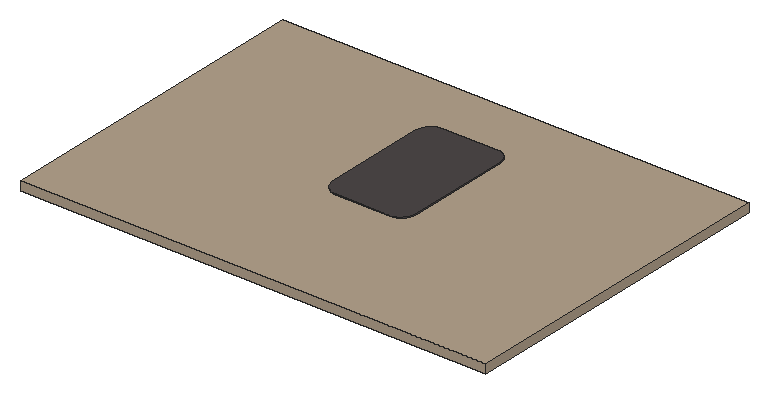
Revit family "console with cutout for bowl with tap hole", category Furniture, Revit 2019 (continued)
Types (40, lengths in mm): name | WEIGHT | SURFACE | SPECIFICATION | PRODUCTURL | PERMALINK | NB | NAME | Model | MIdent | LODLEVEL | LL | LINA | L | GTINCODE | Console 980_550 with cutout in the middle for bowl with tap hole-54121910-DIAMOND_GREY-400_RX0RY0RZ0TX0TY0TZ0_V | Console 980_550 with cutout in the middle for bowl with tap hole-54121910-DIAMOND_GREY-200_RX0RY0RZ0TX0TY0TZ0_V | Console 980_550 with cutout in the middle for bowl with tap hole-54121630-DARK_WALNUT-400_RX0RY0RZ0TX0TY0TZ0_V | Console 980_550 with cutout in the middle for bowl with tap hole-54121630-DARK_WALNUT-200_RX0RY0RZ0TX0TY0TZ0_V | Console 980_550 with cutout in the middle for bowl with tap hole-54121230-GLOSSY_WHITE-400_RX0RY0RZ0TX0TY0TZ0_V | Console 980_550 with cutout in the middle for bowl with tap hole-54121230-GLOSSY_WHITE-200_RX0RY0RZ0TX0TY0TZ0_V | Console 980_550 with cutout in the middle for bowl with tap hole-54121050-NATURAL_OAK-400_RX0RY0RZ0TX0TY0TZ0_V | Console 980_550 with cutout in the middle for bowl with tap hole-54121050-NATURAL_OAK-200_RX0RY0RZ0TX0TY0TZ0_V | Console 780_550 with cutout in the middle for bowls with tap hole-54120910-GLOSSY_WHITE-400_RX0RY0RZ0TX0TY0TZ0_V | Console 780_550 with cutout in the middle for bowls with tap hole-54120910-GLOSSY_WHITE-200_RX0RY0RZ0TX0TY0TZ0_V | Console 780_550 with cutout in the middle for bowls with tap hole-54120630-NATURAL_OAK-400_RX0RY0RZ0TX0TY0TZ0_V | Console 780_550 with cutout in the middle for bowls with tap hole-54120630-NATURAL_OAK-200_RX0RY0RZ0TX0TY0TZ0_V | Console 780_550 with cutout in the middle for bowls with tap hole-54120230-DIAMOND_GREY-400_RX0RY0RZ0TX0TY0TZ0_V | Console 780_550 with cutout in the middle for bowls with tap hole-54120230-DIAMOND_GREY-200_RX0RY0RZ0TX0TY0TZ0_V | Console 780_550 with cutout in the middle for bowls with tap hole-54120050-DARK_WALNUT-400_RX0RY0RZ0TX0TY0TZ0_V | Console 780_550 with cutout in the middle for bowls with tap hole-54120050-DARK_WALNUT-200_RX0RY0RZ0TX0TY0TZ0_V | Console 1360_550 with cutout right for bowl with tap hole-54124910-GLOSSY_WHITE-400_RX0RY0RZ0TX0TY0TZ0_V | Console 1360_550 with cutout right for bowl with tap hole-54124910-GLOSSY_WHITE-200_RX0RY0RZ0TX0TY0TZ0_V | Console 1360_550 with cutout right for bowl with tap hole-54124630-DARK_WALNUT-400_RX0RY0RZ0TX0TY0TZ0_V | Console 1360_550 with cutout right for bowl with tap hole-54124630-DARK_WALNUT-200_RX0RY0RZ0TX0TY0TZ0_V | Console 1360_550 with cutout right for bowl with tap hole-54124230-DIAMOND_GREY-400_RX0RY0RZ0TX0TY0TZ0_V | Console 1360_550 with cutout right for bowl with tap hole-54124230-DIAMOND_GREY-200_RX0RY0RZ0TX0TY0TZ0_V | Console 1360_550 with cutout right for bowl with tap hole-54124050-NATURAL_OAK-400_RX0RY0RZ0TX0TY0TZ0_V | Console 1360_550 with cutout right for bowl with tap hole-54124050-NATURAL_OAK-200_RX0RY0RZ0TX0TY0TZ0_V | Console 1360_550 with cutout left for bowl with tap hole-54123910-DARK_WALNUT-400_RX0RY0RZ0TX0TY0TZ0_V | Console 1360_550 with cutout left for bowl with tap hole-54123910-DARK_WALNUT-200_RX0RY0RZ0TX0TY0TZ0_V | Console 1360_550 with cutout left for bowl with tap hole-54123630-DIAMOND_GREY-400_RX0RY0RZ0TX0TY0TZ0_V | Console 1360_550 with cutout left for bowl with tap hole-54123630-DIAMOND_GREY-200_RX0RY0RZ0TX0TY0TZ0_V | Console 1360_550 with cutout left for bowl with tap hole-54123230-NATURAL_OAK-400_RX0RY0RZ0TX0TY0TZ0_V | Console 1360_550 with cutout left for bowl with tap hole-54123230-NATURAL_OAK-200_RX0RY0RZ0TX0TY0TZ0_V | Console 1360_550 with cutout left for bowl with tap hole-54123050-GLOSSY_WHITE-400_RX0RY0RZ0TX0TY0TZ0_V | Console 1360_550 with cutout left for bowl with tap hole-54123050-GLOSSY_WHITE-200_RX0RY0RZ0TX0TY0TZ0_V | Console 1180_550 with cutout in the middle for bowl with tap hole-54122910-DIAMOND_GREY-400_RX0RY0RZ0TX0TY0TZ0_V | Console 1180_550 with cutout in the middle for bowl with tap hole-54122910-DIAMOND_GREY-200_RX0RY0RZ0TX0TY0TZ0_V | Console 1180_550 with cutout in the middle for bowl with tap hole-54122630-DARK_WALNUT-400_RX0RY0RZ0TX0TY0TZ0_V | Console 1180_550 with cutout in the middle for bowl with tap hole-54122630-DARK_WALNUT-200_RX0RY0RZ0TX0TY0TZ0_V | Console 1180_550 with cutout in the middle for bowl with tap hole-54122230-NATURAL_OAK-400_RX0RY0RZ0TX0TY0TZ0_V | Console 1180_550 with cutout in the middle for bowl with tap hole-54122230-NATURAL_OAK-200_RX0RY0RZ0TX0TY0TZ0_V | Console 1180_550 with cutout in the middle for bowl with tap hole-54122050-GLOSSY_WHITE-400_RX0RY0RZ0TX0TY0TZ0_V | Console 1180_550 with cutout in the middle for bowl with tap hole-54122050-GLOSSY_WHITE-200_RX0RY0RZ0TX0TY0TZ0_V | BASENUMBER | ARTNR
  Console 1360_550 with cutout right for bowl with tap hole-54124230-DIAMOND_GREY-400 | "12.2" | "DIAMOND_GREY" | "Surfaces:    - 54124050 High Gloss White  - 54124910 Diamond Matt Grey  - 54124230 Natural Oak  - 54124630 Dark Walnut      Specification:" | "https://pro.hansgrohe.com/articledetail--54124050" | "54124XXX" | "Console 1360/550 with cutout right for bowl with tap hole-54124230-DIAMOND_GREY-400" | "Xelu Q Console 1360/550 with cutout right for bowl with tap hole" | "Console 1360/550 with cutout right for bowl with tap hole-54124230-DIAMOND_GREY-400" | "{$CADENAS_DATA/23d-libs/hansgrohe/xelu_furniture/console_with_cutout_for_bowl_with_tap_hole/console_with_cutout_for_bowl_with_taphole.prj},351 {VTYP=3D},{NB=Console 1360/550 with cutout right for bowl with tap hole-54124230-DIAMOND_GREY-400},{LINA=Console 1360/550 with cutout right for bowl with tap hole-54124230-DIAMOND_GREY-400},{NN=Console with cutout for bowl with tap hole},{DATE=10.03.2023 08:04:15},{GEOMDATE=08.03.2023 13:10:06},{VERSION=},{LINEID=170},{WBVAR=LODLEVEL},{WBNUMERIC=}  {NB=Console 1360/550 with cutout right for bowl with tap hole-54124230-DIAMOND_GREY-400},{LINA=Console 1360/550 with cutout right for bowl with tap hole-54124230-DIAMOND_GREY-400},{KT=DUMMY},{IDNR=17},{ARTNR=54124230},{BASENUMBER=Console 1360/550 with cutout right for bowl with tap hole},{MODEL=54124XXX},{SURFACE=DIAMOND_GREY},{L=1360},{LODLEVEL=400},{LODLEVELX='400','400','200','200'},{L1=140},{LL=1020},{NAME=Xelu Q Console 1360/550 with cutout right for bowl with tap hole},{PERMALINK=54124XXX},{OBJECTTYPE=Object (single object)},{BIMOBJECT=Sanitary: Compound units},{PRODUCTFAMILY=Xelu Q},{PRODUCTGROUP=console},{WEIGHT=12.2},{DESCRIPTION=Xelu Q Console 1360/550 with cutout right for bowl with tap hole},{SPECIFICATION=Surfaces:    - 54124050 High Gloss White  - 54124910 Diamond Matt Grey  - 54124230 Natural Oak  - 54124630 Dark Walnut      Specification:},{PRODUCTURL=https://pro.hansgrohe.com/articledetail--54124050},{GTINCODE=4059625457894},{TENDERURL=},{IFC=Furnishing element},{ETIM=EC011381 | Bathroom furniture set},{UNICLASS2015=Pr_40_20_76_94 | Vanity units},{OMNICLASS=23-19 31 17 11 | Bathroom Units},{MASTERFORMAT=12 35 30.23 | Bathroom Casework},{UNSPSC=56 | Furniture and Furnishings},{UNIFORMATII=E2010 | Fixed Furnishings},{REGIONSET=Worldwide},{DESIGN=Germany},{MANUFACTURER=Germany}" | "400" | 1020 | "Console 1360/550 with cutout right for bowl with tap hole-54124230-DIAMOND_GREY-400" | 1360 | "4059625457894" | no | no | no | no | no | no | no | no | no | no | no | no | no | no | no | no | no | no | no | no | yes | no | no | no | no | no | no | no | no | no | no | no | no | no | no | no | no | no | no | no | "Console 1360/550 with cutout right for bowl with tap hole" | "54124230"
  Console 1360_550 with cutout right for bowl with tap hole-54124630-DARK_WALNUT-200 | "12.2" | "DARK_WALNUT" | "Surfaces:    - 54124050 High Gloss White  - 54124910 Diamond Matt Grey  - 54124230 Natural Oak  - 54124630 Dark Walnut      Specification:" | "https://pro.hansgrohe.com/articledetail--54124050" | "54124XXX" | "Console 1360/550 with cutout right for bowl with tap hole-54124630-DARK_WALNUT-200" | "Xelu Q Console 1360/550 with cutout right for bowl with tap hole" | "Console 1360/550 with cutout right for bowl with tap hole-54124630-DARK_WALNUT-200" | "{$CADENAS_DATA/23d-libs/hansgrohe/xelu_furniture/console_with_cutout_for_bowl_with_tap_hole/console_with_cutout_for_bowl_with_taphole.prj},349 {VTYP=3D},{NB=Console 1360/550 with cutout right for bowl with tap hole-54124630-DARK_WALNUT-200},{LINA=Console 1360/550 with cutout right for bowl with tap hole-54124630-DARK_WALNUT-200},{NN=Console with cutout for bowl with tap hole},{DATE=10.03.2023 08:04:15},{GEOMDATE=08.03.2023 13:10:06},{VERSION=},{LINEID=190},{WBVAR=LODLEVEL},{WBNUMERIC=}  {NB=Console 1360/550 with cutout right for bowl with tap hole-54124630-DARK_WALNUT-200},{LINA=Console 1360/550 with cutout right for bowl with tap hole-54124630-DARK_WALNUT-200},{KT=DUMMY},{IDNR=19},{ARTNR=54124630},{BASENUMBER=Console 1360/550 with cutout right for bowl with tap hole},{MODEL=54124XXX},{SURFACE=DARK_WALNUT},{L=1360},{LODLEVEL=200},{LODLEVELX='400','400','200','200'},{L1=140},{LL=1020},{NAME=Xelu Q Console 1360/550 with cutout right for bowl with tap hole},{PERMALINK=54124XXX},{OBJECTTYPE=Object (single object)},{BIMOBJECT=Sanitary: Compound units},{PRODUCTFAMILY=Xelu Q},{PRODUCTGROUP=console},{WEIGHT=12.2},{DESCRIPTION=Xelu Q Console 1360/550 with cutout right for bowl with tap hole},{SPECIFICATION=Surfaces:    - 54124050 High Gloss White  - 54124910 Diamond Matt Grey  - 54124230 Natural Oak  - 54124630 Dark Walnut      Specification:},{PRODUCTURL=https://pro.hansgrohe.com/articledetail--54124050},{GTINCODE=4059625457894},{TENDERURL=},{IFC=Furnishing element},{ETIM=EC011381 | Bathroom furniture set},{UNICLASS2015=Pr_40_20_76_94 | Vanity units},{OMNICLASS=23-19 31 17 11 | Bathroom Units},{MASTERFORMAT=12 35 30.23 | Bathroom Casework},{UNSPSC=56 | Furniture and Furnishings},{UNIFORMATII=E2010 | Fixed Furnishings},{REGIONSET=Worldwide},{DESIGN=Germany},{MANUFACTURER=Germany}" | "200" | 1020 | "Console 1360/550 with cutout right for bowl with tap hole-54124630-DARK_WALNUT-200" | 1360 | "4059625457894" | no | no | no | no | no | no | no | no | no | no | no | no | no | no | no | no | no | no | no | yes | no | no | no | no | no | no | no | no | no | no | no | no | no | no | no | no | no | no | no | no | "Console 1360/550 with cutout right for bowl with tap hole" | "54124630"
  Console 1360_550 with cutout right for bowl with tap hole-54124630-DARK_WALNUT-400 | "12.2" | "DARK_WALNUT" | "Surfaces:    - 54124050 High Gloss White  - 54124910 Diamond Matt Grey  - 54124230 Natural Oak  - 54124630 Dark Walnut      Specification:" | "https://pro.hansgrohe.com/articledetail--54124050" | "54124XXX" | "Console 1360/550 with cutout right for bowl with tap hole-54124630-DARK_WALNUT-400" | "Xelu Q Console 1360/550 with cutout right for bowl with tap hole" | "Console 1360/550 with cutout right for bowl with tap hole-54124630-DARK_WALNUT-400" | "{$CADENAS_DATA/23d-libs/hansgrohe/xelu_furniture/console_with_cutout_for_bowl_with_tap_hole/console_with_cutout_for_bowl_with_taphole.prj},349 {VTYP=3D},{NB=Console 1360/550 with cutout right for bowl with tap hole-54124630-DARK_WALNUT-400},{LINA=Console 1360/550 with cutout right for bowl with tap hole-54124630-DARK_WALNUT-400},{NN=Console with cutout for bowl with tap hole},{DATE=10.03.2023 08:04:15},{GEOMDATE=08.03.2023 13:10:06},{VERSION=},{LINEID=190},{WBVAR=LODLEVEL},{WBNUMERIC=}  {NB=Console 1360/550 with cutout right for bowl with tap hole-54124630-DARK_WALNUT-400},{LINA=Console 1360/550 with cutout right for bowl with tap hole-54124630-DARK_WALNUT-400},{KT=DUMMY},{IDNR=19},{ARTNR=54124630},{BASENUMBER=Console 1360/550 with cutout right for bowl with tap hole},{MODEL=54124XXX},{SURFACE=DARK_WALNUT},{L=1360},{LODLEVEL=400},{LODLEVELX='400','400','200','200'},{L1=140},{LL=1020},{NAME=Xelu Q Console 1360/550 with cutout right for bowl with tap hole},{PERMALINK=54124XXX},{OBJECTTYPE=Object (single object)},{BIMOBJECT=Sanitary: Compound units},{PRODUCTFAMILY=Xelu Q},{PRODUCTGROUP=console},{WEIGHT=12.2},{DESCRIPTION=Xelu Q Console 1360/550 with cutout right for bowl with tap hole},{SPECIFICATION=Surfaces:    - 54124050 High Gloss White  - 54124910 Diamond Matt Grey  - 54124230 Natural Oak  - 54124630 Dark Walnut      Specification:},{PRODUCTURL=https://pro.hansgrohe.com/articledetail--54124050},{GTINCODE=4059625457894},{TENDERURL=},{IFC=Furnishing element},{ETIM=EC011381 | Bathroom furniture set},{UNICLASS2015=Pr_40_20_76_94 | Vanity units},{OMNICLASS=23-19 31 17 11 | Bathroom Units},{MASTERFORMAT=12 35 30.23 | Bathroom Casework},{UNSPSC=56 | Furniture and Furnishings},{UNIFORMATII=E2010 | Fixed Furnishings},{REGIONSET=Worldwide},{DESIGN=Germany},{MANUFACTURER=Germany}" | "400" | 1020 | "Console 1360/550 with cutout right for bowl with tap hole-54124630-DARK_WALNUT-400" | 1360 | "4059625457894" | no | no | no | no | no | no | no | no | no | no | no | no | no | no | no | no | no | no | yes | no | no | no | no | no | no | no | no | no | no | no | no | no | no | no | no | no | no | no | no | no | "Console 1360/550 with cutout right for bowl with tap hole" | "54124630"
  Console 1360_550 with cutout right for bowl with tap hole-54124910-GLOSSY_WHITE-200 | "12.2" | "GLOSSY_WHITE" | "Surfaces:    - 54124050 High Gloss White  - 54124910 Diamond Matt Grey  - 54124230 Natural Oak  - 54124630 Dark Walnut      Specification:" | "https://pro.hansgrohe.com/articledetail--54124050" | "54124XXX" | "Console 1360/550 with cutout right for bowl with tap hole-54124910-GLOSSY_WHITE-200" | "Xelu Q Console 1360/550 with cutout right for bowl with tap hole" | "Console 1360/550 with cutout right for bowl with tap hole-54124910-GLOSSY_WHITE-200" | "{$CADENAS_DATA/23d-libs/hansgrohe/xelu_furniture/console_with_cutout_for_bowl_with_tap_hole/console_with_cutout_for_bowl_with_taphole.prj},351 {VTYP=3D},{NB=Console 1360/550 with cutout right for bowl with tap hole-54124910-GLOSSY_WHITE-200},{LINA=Console 1360/550 with cutout right for bowl with tap hole-54124910-GLOSSY_WHITE-200},{NN=Console with cutout for bowl with tap hole},{DATE=10.03.2023 08:04:15},{GEOMDATE=08.03.2023 13:10:06},{VERSION=},{LINEID=180},{WBVAR=LODLEVEL},{WBNUMERIC=}  {NB=Console 1360/550 with cutout right for bowl with tap hole-54124910-GLOSSY_WHITE-200},{LINA=Console 1360/550 with cutout right for bowl with tap hole-54124910-GLOSSY_WHITE-200},{KT=DUMMY},{IDNR=18},{ARTNR=54124910},{BASENUMBER=Console 1360/550 with cutout right for bowl with tap hole},{MODEL=54124XXX},{SURFACE=GLOSSY_WHITE},{L=1360},{LODLEVEL=200},{LODLEVELX='400','400','200','200'},{L1=140},{LL=1020},{NAME=Xelu Q Console 1360/550 with cutout right for bowl with tap hole},{PERMALINK=54124XXX},{OBJECTTYPE=Object (single object)},{BIMOBJECT=Sanitary: Compound units},{PRODUCTFAMILY=Xelu Q},{PRODUCTGROUP=console},{WEIGHT=12.2},{DESCRIPTION=Xelu Q Console 1360/550 with cutout right for bowl with tap hole},{SPECIFICATION=Surfaces:    - 54124050 High Gloss White  - 54124910 Diamond Matt Grey  - 54124230 Natural Oak  - 54124630 Dark Walnut      Specification:},{PRODUCTURL=https://pro.hansgrohe.com/articledetail--54124050},{GTINCODE=4059625457894},{TENDERURL=},{IFC=Furnishing element},{ETIM=EC011381 | Bathroom furniture set},{UNICLASS2015=Pr_40_20_76_94 | Vanity units},{OMNICLASS=23-19 31 17 11 | Bathroom Units},{MASTERFORMAT=12 35 30.23 | Bathroom Casework},{UNSPSC=56 | Furniture and Furnishings},{UNIFORMATII=E2010 | Fixed Furnishings},{REGIONSET=Worldwide},{DESIGN=Germany},{MANUFACTURER=Germany}" | "200" | 1020 | "Console 1360/550 with cutout right for bowl with tap hole-54124910-GLOSSY_WHITE-200" | 1360 | "4059625457894" | no | no | no | no | no | no | no | no | no | no | no | no | no | no | no | no | no | yes | no | no | no | no | no | no | no | no | no | no | no | no | no | no | no | no | no | no | no | no | no | no | "Console 1360/550 with cutout right for bowl with tap hole" | "54124910"
  Console 1360_550 with cutout right for bowl with tap hole-54124910-GLOSSY_WHITE-400 | "12.2" | "GLOSSY_WHITE" | "Surfaces:    - 54124050 High Gloss White  - 54124910 Diamond Matt Grey  - 54124230 Natural Oak  - 54124630 Dark Walnut      Specification:" | "https://pro.hansgrohe.com/articledetail--54124050" | "54124XXX" | "Console 1360/550 with cutout right for bowl with tap hole-54124910-GLOSSY_WHITE-400" | "Xelu Q Console 1360/550 with cutout right for bowl with tap hole" | "Console 1360/550 with cutout right for bowl with tap hole-54124910-GLOSSY_WHITE-400" | "{$CADENAS_DATA/23d-libs/hansgrohe/xelu_furniture/console_with_cutout_for_bowl_with_tap_hole/console_with_cutout_for_bowl_with_taphole.prj},351 {VTYP=3D},{NB=Console 1360/550 with cutout right for bowl with tap hole-54124910-GLOSSY_WHITE-400},{LINA=Console 1360/550 with cutout right for bowl with tap hole-54124910-GLOSSY_WHITE-400},{NN=Console with cutout for bowl with tap hole},{DATE=10.03.2023 08:04:15},{GEOMDATE=08.03.2023 13:10:06},{VERSION=},{LINEID=180},{WBVAR=LODLEVEL},{WBNUMERIC=}  {NB=Console 1360/550 with cutout right for bowl with tap hole-54124910-GLOSSY_WHITE-400},{LINA=Console 1360/550 with cutout right for bowl with tap hole-54124910-GLOSSY_WHITE-400},{KT=DUMMY},{IDNR=18},{ARTNR=54124910},{BASENUMBER=Console 1360/550 with cutout right for bowl with tap hole},{MODEL=54124XXX},{SURFACE=GLOSSY_WHITE},{L=1360},{LODLEVEL=400},{LODLEVELX='400','400','200','200'},{L1=140},{LL=1020},{NAME=Xelu Q Console 1360/550 with cutout right for bowl with tap hole},{PERMALINK=54124XXX},{OBJECTTYPE=Object (single object)},{BIMOBJECT=Sanitary: Compound units},{PRODUCTFAMILY=Xelu Q},{PRODUCTGROUP=console},{WEIGHT=12.2},{DESCRIPTION=Xelu Q Console 1360/550 with cutout right for bowl with tap hole},{SPECIFICATION=Surfaces:    - 54124050 High Gloss White  - 54124910 Diamond Matt Grey  - 54124230 Natural Oak  - 54124630 Dark Walnut      Specification:},{PRODUCTURL=https://pro.hansgrohe.com/articledetail--54124050},{GTINCODE=4059625457894},{TENDERURL=},{IFC=Furnishing element},{ETIM=EC011381 | Bathroom furniture set},{UNICLASS2015=Pr_40_20_76_94 | Vanity units},{OMNICLASS=23-19 31 17 11 | Bathroom Units},{MASTERFORMAT=12 35 30.23 | Bathroom Casework},{UNSPSC=56 | Furniture and Furnishings},{UNIFORMATII=E2010 | Fixed Furnishings},{REGIONSET=Worldwide},{DESIGN=Germany},{MANUFACTURER=Germany}" | "400" | 1020 | "Console 1360/550 with cutout right for bowl with tap hole-54124910-GLOSSY_WHITE-400" | 1360 | "4059625457894" | no | no | no | no | no | no | no | no | no | no | no | no | no | no | no | no | yes | no | no | no | no | no | no | no | no | no | no | no | no | no | no | no | no | no | no | no | no | no | no | no | "Console 1360/550 with cutout right for bowl with tap hole" | "54124910"
  Console 780_550 with cutout in the middle for bowls with tap hole-54120050-DARK_WALNUT-200 | "8.4" | "DARK_WALNUT" | "Surfaces:    - 54120050 High Gloss White  - 54120910 Diamond Matt Grey  - 54120230 Natural Oak  - 54120630 Dark Walnut      Specification:" | "https://pro.hansgrohe.com/articledetail--54120050" | "54120XXX" | "Console 780/550 with cutout in the middle for bowls with tap hole-54120050-DARK_WALNUT-200" | "Xelu Q Console 780/550 with cutout in the middle for bowls with tap hole" | "Console 780/550 with cutout in the middle for bowls with tap hole-54120050-DARK_WALNUT-200" | "{$CADENAS_DATA/23d-libs/hansgrohe/xelu_furniture/console_with_cutout_for_bowl_with_tap_hole/console_with_cutout_for_bowl_with_taphole.prj},364 {VTYP=3D},{NB=Console 780/550 with cutout in the middle for bowls with tap hole-54120050-DARK_WALNUT-200},{LINA=Console 780/550 with cutout in the middle for bowls with tap hole-54120050-DARK_WALNUT-200},{NN=Console with cutout for bowl with tap hole},{DATE=10.03.2023 08:04:15},{GEOMDATE=08.03.2023 13:10:06},{VERSION=},{LINEID=40},{WBVAR=LODLEVEL},{WBNUMERIC=}  {NB=Console 780/550 with cutout in the middle for bowls with tap hole-54120050-DARK_WALNUT-200},{LINA=Console 780/550 with cutout in the middle for bowls with tap hole-54120050-DARK_WALNUT-200},{KT=DUMMY},{IDNR=4},{ARTNR=54120050},{BASENUMBER=Console 780/550 with cutout in the middle for bowls with tap hole},{MODEL=54120XXX},{SURFACE=DARK_WALNUT},{L=780},{LODLEVEL=200},{LODLEVELX='400','400','200','200'},{L1=140},{LL=390},{NAME=Xelu Q Console 780/550 with cutout in the middle for bowls with tap hole},{PERMALINK=54120XXX},{OBJECTTYPE=Object (single object)},{BIMOBJECT=Sanitary: Compound units},{PRODUCTFAMILY=Xelu Q},{PRODUCTGROUP=console},{WEIGHT=8.4},{DESCRIPTION=Xelu Q Console 780/550 with cutout in the middle for bowls with tap hole},{SPECIFICATION=Surfaces:    - 54120050 High Gloss White  - 54120910 Diamond Matt Grey  - 54120230 Natural Oak  - 54120630 Dark Walnut      Specification:},{PRODUCTURL=https://pro.hansgrohe.com/articledetail--54120050},{GTINCODE=4059625457658},{TENDERURL=},{IFC=Furnishing element},{ETIM=EC011381 | Bathroom furniture set},{UNICLASS2015=Pr_40_20_76_94 | Vanity units},{OMNICLASS=23-19 31 17 11 | Bathroom Units},{MASTERFORMAT=12 35 30.23 | Bathroom Casework},{UNSPSC=56 | Furniture and Furnishings},{UNIFORMATII=E2010 | Fixed Furnishings},{REGIONSET=Worldwide},{DESIGN=Germany},{MANUFACTURER=Germany}" | "200" | 390 | "Console 780/550 with cutout in the middle for bowls with tap hole-54120050-DARK_WALNUT-200" | 780 | "4059625457658" | no | no | no | no | no | no | no | no | no | no | no | no | no | no | no | yes | no | no | no | no | no | no | no | no | no | no | no | no | no | no | no | no | no | no | no | no | no | no | no | no | "Console 780/550 with cutout in the middle for bowls with tap hole" | "54120050"
  Console 780_550 with cutout in the middle for bowls with tap hole-54120050-DARK_WALNUT-400 | "8.4" | "DARK_WALNUT" | "Surfaces:    - 54120050 High Gloss White  - 54120910 Diamond Matt Grey  - 54120230 Natural Oak  - 54120630 Dark Walnut      Specification:" | "https://pro.hansgrohe.com/articledetail--54120050" | "54120XXX" | "Console 780/550 with cutout in the middle for bowls with tap hole-54120050-DARK_WALNUT-400" | "Xelu Q Console 780/550 with cutout in the middle for bowls with tap hole" | "Console 780/550 with cutout in the middle for bowls with tap hole-54120050-DARK_WALNUT-400" | "{$CADENAS_DATA/23d-libs/hansgrohe/xelu_furniture/console_with_cutout_for_bowl_with_tap_hole/console_with_cutout_for_bowl_with_taphole.prj},364 {VTYP=3D},{NB=Console 780/550 with cutout in the middle for bowls with tap hole-54120050-DARK_WALNUT-400},{LINA=Console 780/550 with cutout in the middle for bowls with tap hole-54120050-DARK_WALNUT-400},{NN=Console with cutout for bowl with tap hole},{DATE=10.03.2023 08:04:15},{GEOMDATE=08.03.2023 13:10:06},{VERSION=},{LINEID=40},{WBVAR=LODLEVEL},{WBNUMERIC=}  {NB=Console 780/550 with cutout in the middle for bowls with tap hole-54120050-DARK_WALNUT-400},{LINA=Console 780/550 with cutout in the middle for bowls with tap hole-54120050-DARK_WALNUT-400},{KT=DUMMY},{IDNR=4},{ARTNR=54120050},{BASENUMBER=Console 780/550 with cutout in the middle for bowls with tap hole},{MODEL=54120XXX},{SURFACE=DARK_WALNUT},{L=780},{LODLEVEL=400},{LODLEVELX='400','400','200','200'},{L1=140},{LL=390},{NAME=Xelu Q Console 780/550 with cutout in the middle for bowls with tap hole},{PERMALINK=54120XXX},{OBJECTTYPE=Object (single object)},{BIMOBJECT=Sanitary: Compound units},{PRODUCTFAMILY=Xelu Q},{PRODUCTGROUP=console},{WEIGHT=8.4},{DESCRIPTION=Xelu Q Console 780/550 with cutout in the middle for bowls with tap hole},{SPECIFICATION=Surfaces:    - 54120050 High Gloss White  - 54120910 Diamond Matt Grey  - 54120230 Natural Oak  - 54120630 Dark Walnut      Specification:},{PRODUCTURL=https://pro.hansgrohe.com/articledetail--54120050},{GTINCODE=4059625457658},{TENDERURL=},{IFC=Furnishing element},{ETIM=EC011381 | Bathroom furniture set},{UNICLASS2015=Pr_40_20_76_94 | Vanity units},{OMNICLASS=23-19 31 17 11 | Bathroom Units},{MASTERFORMAT=12 35 30.23 | Bathroom Casework},{UNSPSC=56 | Furniture and Furnishings},{UNIFORMATII=E2010 | Fixed Furnishings},{REGIONSET=Worldwide},{DESIGN=Germany},{MANUFACTURER=Germany}" | "400" | 390 | "Console 780/550 with cutout in the middle for bowls with tap hole-54120050-DARK_WALNUT-400" | 780 | "4059625457658" | no | no | no | no | no | no | no | no | no | no | no | no | no | no | yes | no | no | no | no | no | no | no | no | no | no | no | no | no | no | no | no | no | no | no | no | no | no | no | no | no | "Console 780/550 with cutout in the middle for bowls with tap hole" | "54120050"
  Console 780_550 with cutout in the middle for bowls with tap hole-54120230-DIAMOND_GREY-200 | "8.4" | "DIAMOND_GREY" | "Surfaces:    - 54120050 High Gloss White  - 54120910 Diamond Matt Grey  - 54120230 Natural Oak  - 54120630 Dark Walnut      Specification:" | "https://pro.hansgrohe.com/articledetail--54120050" | "54120XXX" | "Console 780/550 with cutout in the middle for bowls with tap hole-54120230-DIAMOND_GREY-200" | "Xelu Q Console 780/550 with cutout in the middle for bowls with tap hole" | "Console 780/550 with cutout in the middle for bowls with tap hole-54120230-DIAMOND_GREY-200" | "{$CADENAS_DATA/23d-libs/hansgrohe/xelu_furniture/console_with_cutout_for_bowl_with_tap_hole/console_with_cutout_for_bowl_with_taphole.prj},366 {VTYP=3D},{NB=Console 780/550 with cutout in the middle for bowls with tap hole-54120230-DIAMOND_GREY-200},{LINA=Console 780/550 with cutout in the middle for bowls with tap hole-54120230-DIAMOND_GREY-200},{NN=Console with cutout for bowl with tap hole},{DATE=10.03.2023 08:04:15},{GEOMDATE=08.03.2023 13:10:06},{VERSION=},{LINEID=20},{WBVAR=LODLEVEL},{WBNUMERIC=}  {NB=Console 780/550 with cutout in the middle for bowls with tap hole-54120230-DIAMOND_GREY-200},{LINA=Console 780/550 with cutout in the middle for bowls with tap hole-54120230-DIAMOND_GREY-200},{KT=DUMMY},{IDNR=2},{ARTNR=54120230},{BASENUMBER=Console 780/550 with cutout in the middle for bowls with tap hole},{MODEL=54120XXX},{SURFACE=DIAMOND_GREY},{L=780},{LODLEVEL=200},{LODLEVELX='400','400','200','200'},{L1=140},{LL=390},{NAME=Xelu Q Console 780/550 with cutout in the middle for bowls with tap hole},{PERMALINK=54120XXX},{OBJECTTYPE=Object (single object)},{BIMOBJECT=Sanitary: Compound units},{PRODUCTFAMILY=Xelu Q},{PRODUCTGROUP=console},{WEIGHT=8.4},{DESCRIPTION=Xelu Q Console 780/550 with cutout in the middle for bowls with tap hole},{SPECIFICATION=Surfaces:    - 54120050 High Gloss White  - 54120910 Diamond Matt Grey  - 54120230 Natural Oak  - 54120630 Dark Walnut      Specification:},{PRODUCTURL=https://pro.hansgrohe.com/articledetail--54120050},{GTINCODE=4059625457658},{TENDERURL=},{IFC=Furnishing element},{ETIM=EC011381 | Bathroom furniture set},{UNICLASS2015=Pr_40_20_76_94 | Vanity units},{OMNICLASS=23-19 31 17 11 | Bathroom Units},{MASTERFORMAT=12 35 30.23 | Bathroom Casework},{UNSPSC=56 | Furniture and Furnishings},{UNIFORMATII=E2010 | Fixed Furnishings},{REGIONSET=Worldwide},{DESIGN=Germany},{MANUFACTURER=Germany}" | "200" | 390 | "Console 780/550 with cutout in the middle for bowls with tap hole-54120230-DIAMOND_GREY-200" | 780 | "4059625457658" | no | no | no | no | no | no | no | no | no | no | no | no | no | yes | no | no | no | no | no | no | no | no | no | no | no | no | no | no | no | no | no | no | no | no | no | no | no | no | no | no | "Console 780/550 with cutout in the middle for bowls with tap hole" | "54120230"
  Console 780_550 with cutout in the middle for bowls with tap hole-54120230-DIAMOND_GREY-400 | "8.4" | "DIAMOND_GREY" | "Surfaces:    - 54120050 High Gloss White  - 54120910 Diamond Matt Grey  - 54120230 Natural Oak  - 54120630 Dark Walnut      Specification:" | "https://pro.hansgrohe.com/articledetail--54120050" | "54120XXX" | "Console 780/550 with cutout in the middle for bowls with tap hole-54120230-DIAMOND_GREY-400" | "Xelu Q Console 780/550 with cutout in the middle for bowls with tap hole" | "Console 780/550 with cutout in the middle for bowls with tap hole-54120230-DIAMOND_GREY-400" | "{$CADENAS_DATA/23d-libs/hansgrohe/xelu_furniture/console_with_cutout_for_bowl_with_tap_hole/console_with_cutout_for_bowl_with_taphole.prj},366 {VTYP=3D},{NB=Console 780/550 with cutout in the middle for bowls with tap hole-54120230-DIAMOND_GREY-400},{LINA=Console 780/550 with cutout in the middle for bowls with tap hole-54120230-DIAMOND_GREY-400},{NN=Console with cutout for bowl with tap hole},{DATE=10.03.2023 08:04:15},{GEOMDATE=08.03.2023 13:10:06},{VERSION=},{LINEID=20},{WBVAR=LODLEVEL},{WBNUMERIC=}  {NB=Console 780/550 with cutout in the middle for bowls with tap hole-54120230-DIAMOND_GREY-400},{LINA=Console 780/550 with cutout in the middle for bowls with tap hole-54120230-DIAMOND_GREY-400},{KT=DUMMY},{IDNR=2},{ARTNR=54120230},{BASENUMBER=Console 780/550 with cutout in the middle for bowls with tap hole},{MODEL=54120XXX},{SURFACE=DIAMOND_GREY},{L=780},{LODLEVEL=400},{LODLEVELX='400','400','200','200'},{L1=140},{LL=390},{NAME=Xelu Q Console 780/550 with cutout in the middle for bowls with tap hole},{PERMALINK=54120XXX},{OBJECTTYPE=Object (single object)},{BIMOBJECT=Sanitary: Compound units},{PRODUCTFAMILY=Xelu Q},{PRODUCTGROUP=console},{WEIGHT=8.4},{DESCRIPTION=Xelu Q Console 780/550 with cutout in the middle for bowls with tap hole},{SPECIFICATION=Surfaces:    - 54120050 High Gloss White  - 54120910 Diamond Matt Grey  - 54120230 Natural Oak  - 54120630 Dark Walnut      Specification:},{PRODUCTURL=https://pro.hansgrohe.com/articledetail--54120050},{GTINCODE=4059625457658},{TENDERURL=},{IFC=Furnishing element},{ETIM=EC011381 | Bathroom furniture set},{UNICLASS2015=Pr_40_20_76_94 | Vanity units},{OMNICLASS=23-19 31 17 11 | Bathroom Units},{MASTERFORMAT=12 35 30.23 | Bathroom Casework},{UNSPSC=56 | Furniture and Furnishings},{UNIFORMATII=E2010 | Fixed Furnishings},{REGIONSET=Worldwide},{DESIGN=Germany},{MANUFACTURER=Germany}" | "400" | 390 | "Console 780/550 with cutout in the middle for bowls with tap hole-54120230-DIAMOND_GREY-400" | 780 | "4059625457658" | no | no | no | no | no | no | no | no | no | no | no | no | yes | no | no | no | no | no | no | no | no | no | no | no | no | no | no | no | no | no | no | no | no | no | no | no | no | no | no | no | "Console 780/550 with cutout in the middle for bowls with tap hole" | "54120230"
  Console 780_550 with cutout in the middle for bowls with tap hole-54120630-NATURAL_OAK-200 | "8.4" | "NATURAL_OAK" | "Surfaces:    - 54120050 High Gloss White  - 54120910 Diamond Matt Grey  - 54120230 Natural Oak  - 54120630 Dark Walnut      Specification:" | "https://pro.hansgrohe.com/articledetail--54120050" | "54120XXX" | "Console 780/550 with cutout in the middle for bowls with tap hole-54120630-NATURAL_OAK-200" | "Xelu Q Console 780/550 with cutout in the middle for bowls with tap hole" | "Console 780/550 with cutout in the middle for bowls with tap hole-54120630-NATURAL_OAK-200" | "{$CADENAS_DATA/23d-libs/hansgrohe/xelu_furniture/console_with_cutout_for_bowl_with_tap_hole/console_with_cutout_for_bowl_with_taphole.prj},364 {VTYP=3D},{NB=Console 780/550 with cutout in the middle for bowls with tap hole-54120630-NATURAL_OAK-200},{LINA=Console 780/550 with cutout in the middle for bowls with tap hole-54120630-NATURAL_OAK-200},{NN=Console with cutout for bowl with tap hole},{DATE=10.03.2023 08:04:15},{GEOMDATE=08.03.2023 13:10:06},{VERSION=},{LINEID=30},{WBVAR=LODLEVEL},{WBNUMERIC=}  {NB=Console 780/550 with cutout in the middle for bowls with tap hole-54120630-NATURAL_OAK-200},{LINA=Console 780/550 with cutout in the middle for bowls with tap hole-54120630-NATURAL_OAK-200},{KT=DUMMY},{IDNR=3},{ARTNR=54120630},{BASENUMBER=Console 780/550 with cutout in the middle for bowls with tap hole},{MODEL=54120XXX},{SURFACE=NATURAL_OAK},{L=780},{LODLEVEL=200},{LODLEVELX='400','400','200','200'},{L1=140},{LL=390},{NAME=Xelu Q Console 780/550 with cutout in the middle for bowls with tap hole},{PERMALINK=54120XXX},{OBJECTTYPE=Object (single object)},{BIMOBJECT=Sanitary: Compound units},{PRODUCTFAMILY=Xelu Q},{PRODUCTGROUP=console},{WEIGHT=8.4},{DESCRIPTION=Xelu Q Console 780/550 with cutout in the middle for bowls with tap hole},{SPECIFICATION=Surfaces:    - 54120050 High Gloss White  - 54120910 Diamond Matt Grey  - 54120230 Natural Oak  - 54120630 Dark Walnut      Specification:},{PRODUCTURL=https://pro.hansgrohe.com/articledetail--54120050},{GTINCODE=4059625457658},{TENDERURL=},{IFC=Furnishing element},{ETIM=EC011381 | Bathroom furniture set},{UNICLASS2015=Pr_40_20_76_94 | Vanity units},{OMNICLASS=23-19 31 17 11 | Bathroom Units},{MASTERFORMAT=12 35 30.23 | Bathroom Casework},{UNSPSC=56 | Furniture and Furnishings},{UNIFORMATII=E2010 | Fixed Furnishings},{REGIONSET=Worldwide},{DESIGN=Germany},{MANUFACTURER=Germany}" | "200" | 390 | "Console 780/550 with cutout in the middle for bowls with tap hole-54120630-NATURAL_OAK-200" | 780 | "4059625457658" | no | no | no | no | no | no | no | no | no | no | no | yes | no | no | no | no | no | no | no | no | no | no | no | no | no | no | no | no | no | no | no | no | no | no | no | no | no | no | no | no | "Console 780/550 with cutout in the middle for bowls with tap hole" | "54120630"
  Console 780_550 with cutout in the middle for bowls with tap hole-54120630-NATURAL_OAK-400 | "8.4" | "NATURAL_OAK" | "Surfaces:    - 54120050 High Gloss White  - 54120910 Diamond Matt Grey  - 54120230 Natural Oak  - 54120630 Dark Walnut      Specification:" | "https://pro.hansgrohe.com/articledetail--54120050" | "54120XXX" | "Console 780/550 with cutout in the middle for bowls with tap hole-54120630-NATURAL_OAK-400" | "Xelu Q Console 780/550 with cutout in the middle for bowls with tap hole" | "Console 780/550 with cutout in the middle for bowls with tap hole-54120630-NATURAL_OAK-400" | "{$CADENAS_DATA/23d-libs/hansgrohe/xelu_furniture/console_with_cutout_for_bowl_with_tap_hole/console_with_cutout_for_bowl_with_taphole.prj},364 {VTYP=3D},{NB=Console 780/550 with cutout in the middle for bowls with tap hole-54120630-NATURAL_OAK-400},{LINA=Console 780/550 with cutout in the middle for bowls with tap hole-54120630-NATURAL_OAK-400},{NN=Console with cutout for bowl with tap hole},{DATE=10.03.2023 08:04:15},{GEOMDATE=08.03.2023 13:10:06},{VERSION=},{LINEID=30},{WBVAR=LODLEVEL},{WBNUMERIC=}  {NB=Console 780/550 with cutout in the middle for bowls with tap hole-54120630-NATURAL_OAK-400},{LINA=Console 780/550 with cutout in the middle for bowls with tap hole-54120630-NATURAL_OAK-400},{KT=DUMMY},{IDNR=3},{ARTNR=54120630},{BASENUMBER=Console 780/550 with cutout in the middle for bowls with tap hole},{MODEL=54120XXX},{SURFACE=NATURAL_OAK},{L=780},{LODLEVEL=400},{LODLEVELX='400','400','200','200'},{L1=140},{LL=390},{NAME=Xelu Q Console 780/550 with cutout in the middle for bowls with tap hole},{PERMALINK=54120XXX},{OBJECTTYPE=Object (single object)},{BIMOBJECT=Sanitary: Compound units},{PRODUCTFAMILY=Xelu Q},{PRODUCTGROUP=console},{WEIGHT=8.4},{DESCRIPTION=Xelu Q Console 780/550 with cutout in the middle for bowls with tap hole},{SPECIFICATION=Surfaces:    - 54120050 High Gloss White  - 54120910 Diamond Matt Grey  - 54120230 Natural Oak  - 54120630 Dark Walnut      Specification:},{PRODUCTURL=https://pro.hansgrohe.com/articledetail--54120050},{GTINCODE=4059625457658},{TENDERURL=},{IFC=Furnishing element},{ETIM=EC011381 | Bathroom furniture set},{UNICLASS2015=Pr_40_20_76_94 | Vanity units},{OMNICLASS=23-19 31 17 11 | Bathroom Units},{MASTERFORMAT=12 35 30.23 | Bathroom Casework},{UNSPSC=56 | Furniture and Furnishings},{UNIFORMATII=E2010 | Fixed Furnishings},{REGIONSET=Worldwide},{DESIGN=Germany},{MANUFACTURER=Germany}" | "400" | 390 | "Console 780/550 with cutout in the middle for bowls with tap hole-54120630-NATURAL_OAK-400" | 780 | "4059625457658" | no | no | no | no | no | no | no | no | no | no | yes | no | no | no | no | no | no | no | no | no | no | no | no | no | no | no | no | no | no | no | no | no | no | no | no | no | no | no | no | no | "Console 780/550 with cutout in the middle for bowls with tap hole" | "54120630"
  Console 780_550 with cutout in the middle for bowls with tap hole-54120910-GLOSSY_WHITE-200 | "8.4" | "GLOSSY_WHITE" | "Surfaces:    - 54120050 High Gloss White  - 54120910 Diamond Matt Grey  - 54120230 Natural Oak  - 54120630 Dark Walnut      Specification:" | "https://pro.hansgrohe.com/articledetail--54120050" | "54120XXX" | "Console 780/550 with cutout in the middle for bowls with tap hole-54120910-GLOSSY_WHITE-200" | "Xelu Q Console 780/550 with cutout in the middle for bowls with tap hole" | "Console 780/550 with cutout in the middle for bowls with tap hole-54120910-GLOSSY_WHITE-200" | "{$CADENAS_DATA/23d-libs/hansgrohe/xelu_furniture/console_with_cutout_for_bowl_with_tap_hole/console_with_cutout_for_bowl_with_taphole.prj},366 {VTYP=3D},{NB=Console 780/550 with cutout in the middle for bowls with tap hole-54120910-GLOSSY_WHITE-200},{LINA=Console 780/550 with cutout in the middle for bowls with tap hole-54120910-GLOSSY_WHITE-200},{NN=Console with cutout for bowl with tap hole},{DATE=10.03.2023 08:04:15},{GEOMDATE=08.03.2023 13:10:06},{VERSION=},{LINEID=10},{WBVAR=LODLEVEL},{WBNUMERIC=}  {NB=Console 780/550 with cutout in the middle for bowls with tap hole-54120910-GLOSSY_WHITE-200},{LINA=Console 780/550 with cutout in the middle for bowls with tap hole-54120910-GLOSSY_WHITE-200},{KT=DUMMY},{IDNR=1},{ARTNR=54120910},{BASENUMBER=Console 780/550 with cutout in the middle for bowls with tap hole},{MODEL=54120XXX},{SURFACE=GLOSSY_WHITE},{L=780},{LODLEVEL=200},{LODLEVELX='400','400','200','200'},{L1=140},{LL=390},{NAME=Xelu Q Console 780/550 with cutout in the middle for bowls with tap hole},{PERMALINK=54120XXX},{OBJECTTYPE=Object (single object)},{BIMOBJECT=Sanitary: Compound units},{PRODUCTFAMILY=Xelu Q},{PRODUCTGROUP=console},{WEIGHT=8.4},{DESCRIPTION=Xelu Q Console 780/550 with cutout in the middle for bowls with tap hole},{SPECIFICATION=Surfaces:    - 54120050 High Gloss White  - 54120910 Diamond Matt Grey  - 54120230 Natural Oak  - 54120630 Dark Walnut      Specification:},{PRODUCTURL=https://pro.hansgrohe.com/articledetail--54120050},{GTINCODE=4059625457658},{TENDERURL=},{IFC=Furnishing element},{ETIM=EC011381 | Bathroom furniture set},{UNICLASS2015=Pr_40_20_76_94 | Vanity units},{OMNICLASS=23-19 31 17 11 | Bathroom Units},{MASTERFORMAT=12 35 30.23 | Bathroom Casework},{UNSPSC=56 | Furniture and Furnishings},{UNIFORMATII=E2010 | Fixed Furnishings},{REGIONSET=Worldwide},{DESIGN=Germany},{MANUFACTURER=Germany}" | "200" | 390 | "Console 780/550 with cutout in the middle for bowls with tap hole-54120910-GLOSSY_WHITE-200" | 780 | "4059625457658" | no | no | no | no | no | no | no | no | no | yes | no | no | no | no | no | no | no | no | no | no | no | no | no | no | no | no | no | no | no | no | no | no | no | no | no | no | no | no | no | no | "Console 780/550 with cutout in the middle for bowls with tap hole" | "54120910"
  Console 780_550 with cutout in the middle for bowls with tap hole-54120910-GLOSSY_WHITE-400 | "8.4" | "GLOSSY_WHITE" | "Surfaces:    - 54120050 High Gloss White  - 54120910 Diamond Matt Grey  - 54120230 Natural Oak  - 54120630 Dark Walnut      Specification:" | "https://pro.hansgrohe.com/articledetail--54120050" | "54120XXX" | "Console 780/550 with cutout in the middle for bowls with tap hole-54120910-GLOSSY_WHITE-400" | "Xelu Q Console 780/550 with cutout in the middle for bowls with tap hole" | "Console 780/550 with cutout in the middle for bowls with tap hole-54120910-GLOSSY_WHITE-400" | "{$CADENAS_DATA/23d-libs/hansgrohe/xelu_furniture/console_with_cutout_for_bowl_with_tap_hole/console_with_cutout_for_bowl_with_taphole.prj},366 {VTYP=3D},{NB=Console 780/550 with cutout in the middle for bowls with tap hole-54120910-GLOSSY_WHITE-400},{LINA=Console 780/550 with cutout in the middle for bowls with tap hole-54120910-GLOSSY_WHITE-400},{NN=Console with cutout for bowl with tap hole},{DATE=10.03.2023 08:04:15},{GEOMDATE=08.03.2023 13:10:06},{VERSION=},{LINEID=10},{WBVAR=LODLEVEL},{WBNUMERIC=}  {NB=Console 780/550 with cutout in the middle for bowls with tap hole-54120910-GLOSSY_WHITE-400},{LINA=Console 780/550 with cutout in the middle for bowls with tap hole-54120910-GLOSSY_WHITE-400},{KT=DUMMY},{IDNR=1},{ARTNR=54120910},{BASENUMBER=Console 780/550 with cutout in the middle for bowls with tap hole},{MODEL=54120XXX},{SURFACE=GLOSSY_WHITE},{L=780},{LODLEVEL=400},{LODLEVELX='400','400','200','200'},{L1=140},{LL=390},{NAME=Xelu Q Console 780/550 with cutout in the middle for bowls with tap hole},{PERMALINK=54120XXX},{OBJECTTYPE=Object (single object)},{BIMOBJECT=Sanitary: Compound units},{PRODUCTFAMILY=Xelu Q},{PRODUCTGROUP=console},{WEIGHT=8.4},{DESCRIPTION=Xelu Q Console 780/550 with cutout in the middle for bowls with tap hole},{SPECIFICATION=Surfaces:    - 54120050 High Gloss White  - 54120910 Diamond Matt Grey  - 54120230 Natural Oak  - 54120630 Dark Walnut      Specification:},{PRODUCTURL=https://pro.hansgrohe.com/articledetail--54120050},{GTINCODE=4059625457658},{TENDERURL=},{IFC=Furnishing element},{ETIM=EC011381 | Bathroom furniture set},{UNICLASS2015=Pr_40_20_76_94 | Vanity units},{OMNICLASS=23-19 31 17 11 | Bathroom Units},{MASTERFORMAT=12 35 30.23 | Bathroom Casework},{UNSPSC=56 | Furniture and Furnishings},{UNIFORMATII=E2010 | Fixed Furnishings},{REGIONSET=Worldwide},{DESIGN=Germany},{MANUFACTURER=Germany}" | "400" | 390 | "Console 780/550 with cutout in the middle for bowls with tap hole-54120910-GLOSSY_WHITE-400" | 780 | "4059625457658" | no | no | no | no | no | no | no | no | yes | no | no | no | no | no | no | no | no | no | no | no | no | no | no | no | no | no | no | no | no | no | no | no | no | no | no | no | no | no | no | no | "Console 780/550 with cutout in the middle for bowls with tap hole" | "54120910"
  Console 980_550 with cutout in the middle for bowl with tap hole-54121050-NATURAL_OAK-200 | "13.2" | "NATURAL_OAK" | "Surfaces:    - 54121050 High Gloss White  - 54121910 Diamond Matt Grey  - 54121230 Natural Oak  - 54121630 Dark Walnut      Specification:" | "https://pro.hansgrohe.com/articledetail--54121050" | "54121XXX" | "Console 980/550 with cutout in the middle for bowl with tap hole-54121050-NATURAL_OAK-200" | "Xelu Q Console 980/550 with cutout in the middle for bowl with tap hole" | "Console 980/550 with cutout in the middle for bowl with tap hole-54121050-NATURAL_OAK-200" | "{$CADENAS_DATA/23d-libs/hansgrohe/xelu_furniture/console_with_cutout_for_bowl_with_tap_hole/console_with_cutout_for_bowl_with_taphole.prj},362 {VTYP=3D},{NB=Console 980/550 with cutout in the middle for bowl with tap hole-54121050-NATURAL_OAK-200},{LINA=Console 980/550 with cutout in the middle for bowl with tap hole-54121050-NATURAL_OAK-200},{NN=Console with cutout for bowl with tap hole},{DATE=10.03.2023 08:04:15},{GEOMDATE=08.03.2023 13:10:06},{VERSION=},{LINEID=80},{WBVAR=LODLEVEL},{WBNUMERIC=}  {NB=Console 980/550 with cutout in the middle for bowl with tap hole-54121050-NATURAL_OAK-200},{LINA=Console 980/550 with cutout in the middle for bowl with tap hole-54121050-NATURAL_OAK-200},{KT=DUMMY},{IDNR=8},{ARTNR=54121050},{BASENUMBER=Console 980/550 with cutout in the middle for bowl with tap hole},{MODEL=54121XXX},{SURFACE=NATURAL_OAK},{L=980},{LODLEVEL=200},{LODLEVELX='400','400','200','200'},{L1=140},{LL=490},{NAME=Xelu Q Console 980/550 with cutout in the middle for bowl with tap hole},{PERMALINK=54121XXX},{OBJECTTYPE=Object (single object)},{BIMOBJECT=Sanitary: Compound units},{PRODUCTFAMILY=Xelu Q},{PRODUCTGROUP=console},{WEIGHT=13.2},{DESCRIPTION=Xelu Q Console 980/550 with cutout in the middle for bowl with tap hole},{SPECIFICATION=Surfaces:    - 54121050 High Gloss White  - 54121910 Diamond Matt Grey  - 54121230 Natural Oak  - 54121630 Dark Walnut      Specification:},{PRODUCTURL=https://pro.hansgrohe.com/articledetail--54121050},{GTINCODE=4059625458013},{TENDERURL=},{IFC=Furnishing element},{ETIM=EC011381 | Bathroom furniture set},{UNICLASS2015=Pr_40_20_76_94 | Vanity units},{OMNICLASS=23-19 31 17 11 | Bathroom Units},{MASTERFORMAT=12 35 30.23 | Bathroom Casework},{UNSPSC=56 | Furniture and Furnishings},{UNIFORMATII=E2010 | Fixed Furnishings},{REGIONSET=Worldwide},{DESIGN=Germany},{MANUFACTURER=Germany}" | "200" | 490 | "Console 980/550 with cutout in the middle for bowl with tap hole-54121050-NATURAL_OAK-200" | 980 | "4059625458013" | no | no | no | no | no | no | no | yes | no | no | no | no | no | no | no | no | no | no | no | no | no | no | no | no | no | no | no | no | no | no | no | no | no | no | no | no | no | no | no | no | "Console 980/550 with cutout in the middle for bowl with tap hole" | "54121050"
  Console 980_550 with cutout in the middle for bowl with tap hole-54121050-NATURAL_OAK-400 | "13.2" | "NATURAL_OAK" | "Surfaces:    - 54121050 High Gloss White  - 54121910 Diamond Matt Grey  - 54121230 Natural Oak  - 54121630 Dark Walnut      Specification:" | "https://pro.hansgrohe.com/articledetail--54121050" | "54121XXX" | "Console 980/550 with cutout in the middle for bowl with tap hole-54121050-NATURAL_OAK-400" | "Xelu Q Console 980/550 with cutout in the middle for bowl with tap hole" | "Console 980/550 with cutout in the middle for bowl with tap hole-54121050-NATURAL_OAK-400" | "{$CADENAS_DATA/23d-libs/hansgrohe/xelu_furniture/console_with_cutout_for_bowl_with_tap_hole/console_with_cutout_for_bowl_with_taphole.prj},362 {VTYP=3D},{NB=Console 980/550 with cutout in the middle for bowl with tap hole-54121050-NATURAL_OAK-400},{LINA=Console 980/550 with cutout in the middle for bowl with tap hole-54121050-NATURAL_OAK-400},{NN=Console with cutout for bowl with tap hole},{DATE=10.03.2023 08:04:15},{GEOMDATE=08.03.2023 13:10:06},{VERSION=},{LINEID=80},{WBVAR=LODLEVEL},{WBNUMERIC=}  {NB=Console 980/550 with cutout in the middle for bowl with tap hole-54121050-NATURAL_OAK-400},{LINA=Console 980/550 with cutout in the middle for bowl with tap hole-54121050-NATURAL_OAK-400},{KT=DUMMY},{IDNR=8},{ARTNR=54121050},{BASENUMBER=Console 980/550 with cutout in the middle for bowl with tap hole},{MODEL=54121XXX},{SURFACE=NATURAL_OAK},{L=980},{LODLEVEL=400},{LODLEVELX='400','400','200','200'},{L1=140},{LL=490},{NAME=Xelu Q Console 980/550 with cutout in the middle for bowl with tap hole},{PERMALINK=54121XXX},{OBJECTTYPE=Object (single object)},{BIMOBJECT=Sanitary: Compound units},{PRODUCTFAMILY=Xelu Q},{PRODUCTGROUP=console},{WEIGHT=13.2},{DESCRIPTION=Xelu Q Console 980/550 with cutout in the middle for bowl with tap hole},{SPECIFICATION=Surfaces:    - 54121050 High Gloss White  - 54121910 Diamond Matt Grey  - 54121230 Natural Oak  - 54121630 Dark Walnut      Specification:},{PRODUCTURL=https://pro.hansgrohe.com/articledetail--54121050},{GTINCODE=4059625458013},{TENDERURL=},{IFC=Furnishing element},{ETIM=EC011381 | Bathroom furniture set},{UNICLASS2015=Pr_40_20_76_94 | Vanity units},{OMNICLASS=23-19 31 17 11 | Bathroom Units},{MASTERFORMAT=12 35 30.23 | Bathroom Casework},{UNSPSC=56 | Furniture and Furnishings},{UNIFORMATII=E2010 | Fixed Furnishings},{REGIONSET=Worldwide},{DESIGN=Germany},{MANUFACTURER=Germany}" | "400" | 490 | "Console 980/550 with cutout in the middle for bowl with tap hole-54121050-NATURAL_OAK-400" | 980 | "4059625458013" | no | no | no | no | no | no | yes | no | no | no | no | no | no | no | no | no | no | no | no | no | no | no | no | no | no | no | no | no | no | no | no | no | no | no | no | no | no | no | no | no | "Console 980/550 with cutout in the middle for bowl with tap hole" | "54121050"
  Console 980_550 with cutout in the middle for bowl with tap hole-54121230-GLOSSY_WHITE-200 | "13.2" | "GLOSSY_WHITE" | "Surfaces:    - 54121050 High Gloss White  - 54121910 Diamond Matt Grey  - 54121230 Natural Oak  - 54121630 Dark Walnut      Specification:" | "https://pro.hansgrohe.com/articledetail--54121050" | "54121XXX" | "Console 980/550 with cutout in the middle for bowl with tap hole-54121230-GLOSSY_WHITE-200" | "Xelu Q Console 980/550 with cutout in the middle for bowl with tap hole" | "Console 980/550 with cutout in the middle for bowl with tap hole-54121230-GLOSSY_WHITE-200" | "{$CADENAS_DATA/23d-libs/hansgrohe/xelu_furniture/console_with_cutout_for_bowl_with_tap_hole/console_with_cutout_for_bowl_with_taphole.prj},364 {VTYP=3D},{NB=Console 980/550 with cutout in the middle for bowl with tap hole-54121230-GLOSSY_WHITE-200},{LINA=Console 980/550 with cutout in the middle for bowl with tap hole-54121230-GLOSSY_WHITE-200},{NN=Console with cutout for bowl with tap hole},{DATE=10.03.2023 08:04:15},{GEOMDATE=08.03.2023 13:10:06},{VERSION=},{LINEID=50},{WBVAR=LODLEVEL},{WBNUMERIC=}  {NB=Console 980/550 with cutout in the middle for bowl with tap hole-54121230-GLOSSY_WHITE-200},{LINA=Console 980/550 with cutout in the middle for bowl with tap hole-54121230-GLOSSY_WHITE-200},{KT=DUMMY},{IDNR=5},{ARTNR=54121230},{BASENUMBER=Console 980/550 with cutout in the middle for bowl with tap hole},{MODEL=54121XXX},{SURFACE=GLOSSY_WHITE},{L=980},{LODLEVEL=200},{LODLEVELX='400','400','200','200'},{L1=140},{LL=490},{NAME=Xelu Q Console 980/550 with cutout in the middle for bowl with tap hole},{PERMALINK=54121XXX},{OBJECTTYPE=Object (single object)},{BIMOBJECT=Sanitary: Compound units},{PRODUCTFAMILY=Xelu Q},{PRODUCTGROUP=console},{WEIGHT=13.2},{DESCRIPTION=Xelu Q Console 980/550 with cutout in the middle for bowl with tap hole},{SPECIFICATION=Surfaces:    - 54121050 High Gloss White  - 54121910 Diamond Matt Grey  - 54121230 Natural Oak  - 54121630 Dark Walnut      Specification:},{PRODUCTURL=https://pro.hansgrohe.com/articledetail--54121050},{GTINCODE=4059625458013},{TENDERURL=},{IFC=Furnishing element},{ETIM=EC011381 | Bathroom furniture set},{UNICLASS2015=Pr_40_20_76_94 | Vanity units},{OMNICLASS=23-19 31 17 11 | Bathroom Units},{MASTERFORMAT=12 35 30.23 | Bathroom Casework},{UNSPSC=56 | Furniture and Furnishings},{UNIFORMATII=E2010 | Fixed Furnishings},{REGIONSET=Worldwide},{DESIGN=Germany},{MANUFACTURER=Germany}" | "200" | 490 | "Console 980/550 with cutout in the middle for bowl with tap hole-54121230-GLOSSY_WHITE-200" | 980 | "4059625458013" | no | no | no | no | no | yes | no | no | no | no | no | no | no | no | no | no | no | no | no | no | no | no | no | no | no | no | no | no | no | no | no | no | no | no | no | no | no | no | no | no | "Console 980/550 with cutout in the middle for bowl with tap hole" | "54121230"
  Console 980_550 with cutout in the middle for bowl with tap hole-54121230-GLOSSY_WHITE-400 | "13.2" | "GLOSSY_WHITE" | "Surfaces:    - 54121050 High Gloss White  - 54121910 Diamond Matt Grey  - 54121230 Natural Oak  - 54121630 Dark Walnut      Specification:" | "https://pro.hansgrohe.com/articledetail--54121050" | "54121XXX" | "Console 980/550 with cutout in the middle for bowl with tap hole-54121230-GLOSSY_WHITE-400" | "Xelu Q Console 980/550 with cutout in the middle for bowl with tap hole" | "Console 980/550 with cutout in the middle for bowl with tap hole-54121230-GLOSSY_WHITE-400" | "{$CADENAS_DATA/23d-libs/hansgrohe/xelu_furniture/console_with_cutout_for_bowl_with_tap_hole/console_with_cutout_for_bowl_with_taphole.prj},364 {VTYP=3D},{NB=Console 980/550 with cutout in the middle for bowl with tap hole-54121230-GLOSSY_WHITE-400},{LINA=Console 980/550 with cutout in the middle for bowl with tap hole-54121230-GLOSSY_WHITE-400},{NN=Console with cutout for bowl with tap hole},{DATE=10.03.2023 08:04:15},{GEOMDATE=08.03.2023 13:10:06},{VERSION=},{LINEID=50},{WBVAR=LODLEVEL},{WBNUMERIC=}  {NB=Console 980/550 with cutout in the middle for bowl with tap hole-54121230-GLOSSY_WHITE-400},{LINA=Console 980/550 with cutout in the middle for bowl with tap hole-54121230-GLOSSY_WHITE-400},{KT=DUMMY},{IDNR=5},{ARTNR=54121230},{BASENUMBER=Console 980/550 with cutout in the middle for bowl with tap hole},{MODEL=54121XXX},{SURFACE=GLOSSY_WHITE},{L=980},{LODLEVEL=400},{LODLEVELX='400','400','200','200'},{L1=140},{LL=490},{NAME=Xelu Q Console 980/550 with cutout in the middle for bowl with tap hole},{PERMALINK=54121XXX},{OBJECTTYPE=Object (single object)},{BIMOBJECT=Sanitary: Compound units},{PRODUCTFAMILY=Xelu Q},{PRODUCTGROUP=console},{WEIGHT=13.2},{DESCRIPTION=Xelu Q Console 980/550 with cutout in the middle for bowl with tap hole},{SPECIFICATION=Surfaces:    - 54121050 High Gloss White  - 54121910 Diamond Matt Grey  - 54121230 Natural Oak  - 54121630 Dark Walnut      Specification:},{PRODUCTURL=https://pro.hansgrohe.com/articledetail--54121050},{GTINCODE=4059625458013},{TENDERURL=},{IFC=Furnishing element},{ETIM=EC011381 | Bathroom furniture set},{UNICLASS2015=Pr_40_20_76_94 | Vanity units},{OMNICLASS=23-19 31 17 11 | Bathroom Units},{MASTERFORMAT=12 35 30.23 | Bathroom Casework},{UNSPSC=56 | Furniture and Furnishings},{UNIFORMATII=E2010 | Fixed Furnishings},{REGIONSET=Worldwide},{DESIGN=Germany},{MANUFACTURER=Germany}" | "400" | 490 | "Console 980/550 with cutout in the middle for bowl with tap hole-54121230-GLOSSY_WHITE-400" | 980 | "4059625458013" | no | no | no | no | yes | no | no | no | no | no | no | no | no | no | no | no | no | no | no | no | no | no | no | no | no | no | no | no | no | no | no | no | no | no | no | no | no | no | no | no | "Console 980/550 with cutout in the middle for bowl with tap hole" | "54121230"
  Console 980_550 with cutout in the middle for bowl with tap hole-54121630-DARK_WALNUT-200 | "13.2" | "DARK_WALNUT" | "Surfaces:    - 54121050 High Gloss White  - 54121910 Diamond Matt Grey  - 54121230 Natural Oak  - 54121630 Dark Walnut      Specification:" | "https://pro.hansgrohe.com/articledetail--54121050" | "54121XXX" | "Console 980/550 with cutout in the middle for bowl with tap hole-54121630-DARK_WALNUT-200" | "Xelu Q Console 980/550 with cutout in the middle for bowl with tap hole" | "Console 980/550 with cutout in the middle for bowl with tap hole-54121630-DARK_WALNUT-200" | "{$CADENAS_DATA/23d-libs/hansgrohe/xelu_furniture/console_with_cutout_for_bowl_with_tap_hole/console_with_cutout_for_bowl_with_taphole.prj},362 {VTYP=3D},{NB=Console 980/550 with cutout in the middle for bowl with tap hole-54121630-DARK_WALNUT-200},{LINA=Console 980/550 with cutout in the middle for bowl with tap hole-54121630-DARK_WALNUT-200},{NN=Console with cutout for bowl with tap hole},{DATE=10.03.2023 08:04:15},{GEOMDATE=08.03.2023 13:10:06},{VERSION=},{LINEID=60},{WBVAR=LODLEVEL},{WBNUMERIC=}  {NB=Console 980/550 with cutout in the middle for bowl with tap hole-54121630-DARK_WALNUT-200},{LINA=Console 980/550 with cutout in the middle for bowl with tap hole-54121630-DARK_WALNUT-200},{KT=DUMMY},{IDNR=6},{ARTNR=54121630},{BASENUMBER=Console 980/550 with cutout in the middle for bowl with tap hole},{MODEL=54121XXX},{SURFACE=DARK_WALNUT},{L=980},{LODLEVEL=200},{LODLEVELX='400','400','200','200'},{L1=140},{LL=490},{NAME=Xelu Q Console 980/550 with cutout in the middle for bowl with tap hole},{PERMALINK=54121XXX},{OBJECTTYPE=Object (single object)},{BIMOBJECT=Sanitary: Compound units},{PRODUCTFAMILY=Xelu Q},{PRODUCTGROUP=console},{WEIGHT=13.2},{DESCRIPTION=Xelu Q Console 980/550 with cutout in the middle for bowl with tap hole},{SPECIFICATION=Surfaces:    - 54121050 High Gloss White  - 54121910 Diamond Matt Grey  - 54121230 Natural Oak  - 54121630 Dark Walnut      Specification:},{PRODUCTURL=https://pro.hansgrohe.com/articledetail--54121050},{GTINCODE=4059625458013},{TENDERURL=},{IFC=Furnishing element},{ETIM=EC011381 | Bathroom furniture set},{UNICLASS2015=Pr_40_20_76_94 | Vanity units},{OMNICLASS=23-19 31 17 11 | Bathroom Units},{MASTERFORMAT=12 35 30.23 | Bathroom Casework},{UNSPSC=56 | Furniture and Furnishings},{UNIFORMATII=E2010 | Fixed Furnishings},{REGIONSET=Worldwide},{DESIGN=Germany},{MANUFACTURER=Germany}" | "200" | 490 | "Console 980/550 with cutout in the middle for bowl with tap hole-54121630-DARK_WALNUT-200" | 980 | "4059625458013" | no | no | no | yes | no | no | no | no | no | no | no | no | no | no | no | no | no | no | no | no | no | no | no | no | no | no | no | no | no | no | no | no | no | no | no | no | no | no | no | no | "Console 980/550 with cutout in the middle for bowl with tap hole" | "54121630"
  Console 980_550 with cutout in the middle for bowl with tap hole-54121630-DARK_WALNUT-400 | "13.2" | "DARK_WALNUT" | "Surfaces:    - 54121050 High Gloss White  - 54121910 Diamond Matt Grey  - 54121230 Natural Oak  - 54121630 Dark Walnut      Specification:" | "https://pro.hansgrohe.com/articledetail--54121050" | "54121XXX" | "Console 980/550 with cutout in the middle for bowl with tap hole-54121630-DARK_WALNUT-400" | "Xelu Q Console 980/550 with cutout in the middle for bowl with tap hole" | "Console 980/550 with cutout in the middle for bowl with tap hole-54121630-DARK_WALNUT-400" | "{$CADENAS_DATA/23d-libs/hansgrohe/xelu_furniture/console_with_cutout_for_bowl_with_tap_hole/console_with_cutout_for_bowl_with_taphole.prj},362 {VTYP=3D},{NB=Console 980/550 with cutout in the middle for bowl with tap hole-54121630-DARK_WALNUT-400},{LINA=Console 980/550 with cutout in the middle for bowl with tap hole-54121630-DARK_WALNUT-400},{NN=Console with cutout for bowl with tap hole},{DATE=10.03.2023 08:04:15},{GEOMDATE=08.03.2023 13:10:06},{VERSION=},{LINEID=60},{WBVAR=LODLEVEL},{WBNUMERIC=}  {NB=Console 980/550 with cutout in the middle for bowl with tap hole-54121630-DARK_WALNUT-400},{LINA=Console 980/550 with cutout in the middle for bowl with tap hole-54121630-DARK_WALNUT-400},{KT=DUMMY},{IDNR=6},{ARTNR=54121630},{BASENUMBER=Console 980/550 with cutout in the middle for bowl with tap hole},{MODEL=54121XXX},{SURFACE=DARK_WALNUT},{L=980},{LODLEVEL=400},{LODLEVELX='400','400','200','200'},{L1=140},{LL=490},{NAME=Xelu Q Console 980/550 with cutout in the middle for bowl with tap hole},{PERMALINK=54121XXX},{OBJECTTYPE=Object (single object)},{BIMOBJECT=Sanitary: Compound units},{PRODUCTFAMILY=Xelu Q},{PRODUCTGROUP=console},{WEIGHT=13.2},{DESCRIPTION=Xelu Q Console 980/550 with cutout in the middle for bowl with tap hole},{SPECIFICATION=Surfaces:    - 54121050 High Gloss White  - 54121910 Diamond Matt Grey  - 54121230 Natural Oak  - 54121630 Dark Walnut      Specification:},{PRODUCTURL=https://pro.hansgrohe.com/articledetail--54121050},{GTINCODE=4059625458013},{TENDERURL=},{IFC=Furnishing element},{ETIM=EC011381 | Bathroom furniture set},{UNICLASS2015=Pr_40_20_76_94 | Vanity units},{OMNICLASS=23-19 31 17 11 | Bathroom Units},{MASTERFORMAT=12 35 30.23 | Bathroom Casework},{UNSPSC=56 | Furniture and Furnishings},{UNIFORMATII=E2010 | Fixed Furnishings},{REGIONSET=Worldwide},{DESIGN=Germany},{MANUFACTURER=Germany}" | "400" | 490 | "Console 980/550 with cutout in the middle for bowl with tap hole-54121630-DARK_WALNUT-400" | 980 | "4059625458013" | no | no | yes | no | no | no | no | no | no | no | no | no | no | no | no | no | no | no | no | no | no | no | no | no | no | no | no | no | no | no | no | no | no | no | no | no | no | no | no | no | "Console 980/550 with cutout in the middle for bowl with tap hole" | "54121630"
